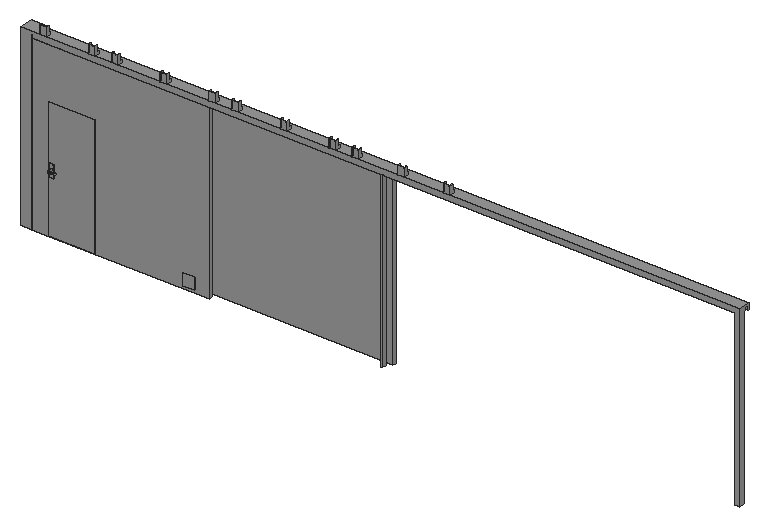
Revit family "otkatnie_protivopozarnie_vorota_firetechnics-p_ei60_ei90", category Двери, Revit 2018
Family settings
  Основа = Стена
  Всегда вертикально = Да
  При загрузке вырезать с полостями = Нет
  Общий = Нет
  Точка расчета площади = Нет
Parameters (values of type "Откатные противопажарные ворота 6x3 EI120")
  второй рельс = if(Ширина створок < 3002 mm, 59 mm, 125 mm)  # 125 mm
  Ширина второго рельса = if(Ширина створок < 3002 mm, 40 mm, 60 mm)  # 60 mm
  УГО2 = if(Ширина створок < 3002 mm, 3000 mm, 4000 mm)  # 4000 mm
  УГО = if(Ширина створок < 3002 mm, 1 mm, 3000 mm)  # 3000 mm
  Крепеж 2 = if(ADSK_Размер_Ширина < 3002 mm, 0 mm, 800 mm)  # 800 mm
  движение 2 створки [instance] = if(Ширина створок = 3000 mm, 1 mm, 125 mm)  # 125 mm
  Ширина 2 створки = if(Ширина створок = 3000 mm, 30 mm, 100 mm)  # 100 mm
  Огнестойкость = "EI120"
  Крепеж1 = if(ADSK_Размер_Ширина < 3002 mm, 0 mm, 800 mm)  # 800 mm
  Ловушка ворот = if(Ширина створок < 3002 mm, 130 mm, 240 mm)  # 240 mm
  Второй рельс = if(Ширина створок < 3002 mm, 205 mm, 2 * (ADSK_Размер_Ширина) + 300 mm + 250 mm)  # 12550 mm
  Видимость второй двери [instance] = yes
  Открытие створки [instance] = if(Ворота открыто, 30 mm, Ширина створок)  # 30 mm
  Высота противопожарной двери = 2000 mm
  Ширина створок = if(ADSK_Размер_Ширина = 3000 mm, 3000 mm, 6000 mm)  # 6000 mm
  Ширина створки [instance] = 3000 mm  # constant formula
  Ширина противопожарной двери = 800 mm
  Толщина полотна ворот = 60 mm
  Стойка [instance] = if(Ширина створок < 3002 mm, ADSK_Размер_Ширина, Ширина створок + 250 mm)  # 6250 mm
  Разработано = "support@bimlib.ru"  # constant formula
  Противопожарный лючок [instance] = yes
  Противопожарная дверь [instance] = yes
  Ворота открыто [instance] = yes
  Материал ручки = Пластмасса, непрозрачная, черная
  Материал профиля = Сталь_оцинкованная_листовая
  Материал полотна = Полотно с наполнителем из минерального заполнителя для ворот
  Изготовитель = "Firetechnics"  # constant formula
  Высота створки = ADSK_Размер_Высота  # 3000 mm
  Высота 2 [instance] = and(Ворота открыто, Противопожарный лючок)  # yes
  Высота 1 [instance] = and(Ворота открыто, Противопожарная дверь)  # yes
  Вторая створка = if(Ширина створок = 3000 mm, 5 mm, 3200 mm)  # 3200 mm
  Видимость УГО [instance] = yes
  Видимость 2 [instance] = yes
  Видимость 1 [instance] = if(Ворота открыто, Видимость второй двери, Противопожарная дверь)  # yes
  Аналитическая конструкция = "<Нет>"
  URL = "https://www.fire-tec.ru/"
  ADSK_Размер_Ширина = 6000 mm
  ADSK_Размер_Высота = 3000 mm  # constant formula
  ADSK_Примечание [instance] = ""
  ADSK_Предел огнестойкости = "EI120"
  ADSK_Позиция [instance] = ""
  ADSK_Обозначение = ""
  ADSK_Наименование = "Откатные противопожарные ворота модели FireTechnics-P EI120"
  ADSK_Масса_Текст = ""
  ADSK_Завод-изготовитель = Изготовитель  # "Firetechnics"
  ADSK_Единица измерения = ""
  ADSK_URL страницы изделия = "https://www.fire-tec.ru/catalog/protivopozharnye-vorota/otkatnye-protivopozharnye-vorota/"
  ADSK_URL документации изделия = ""
Types (2, lengths in mm): name | второй рельс | Ширина второго рельса | УГО2 | УГО | Крепеж 2 | движение 2 створки | Ширина 2 створки | Огнестойкость | Крепеж1 | Ловушка ворот | Второй рельс | Ширина створок | Стойка | Вторая створка | ADSK_Размер_Ширина | ADSK_Предел огнестойкости | ADSK_Наименование
  Откатные противопажарные ворота 3x3 EI90 | 59 | 40 | 3000 | 1 | 0 | 1 | 30 | "EI60" | 0 | 130 | 205 | 3000 | 3000 | 5 | 3000 | "EI90" | "Откатные противопожарные ворота модели FireTechnics-P EI90"
  Откатные противопажарные ворота 6x3 EI120 | 125 | 60 | 4000 | 3000 | 800 | 125 | 100 | "EI120" | 800 | 240 | 12550 | 6000 | 6250 | 3200 | 6000 | "EI120" | "Откатные противопожарные ворота модели FireTechnics-P EI120"
Reference planes
  plane 1 "Стена": y = 0
  plane 2 "По центру (Влево/Вправо)": x = 125
  plane 3 "Назад": y = 15
  plane 4: x = -475
  plane 5: x = 5525
  plane 6: x = -775
  plane 7: z = 1257.571
  plane 8: x = 11855.75
  plane 9: x = 11775
  plane 10: z = 3000
  plane 11: z = 3100
  plane 12: x = -275
  plane 13: x = 525
  plane 14: z = 2100
  plane 15: x = 2068.662
  plane 16: x = 2268.662
  plane 17: z = 50
  plane 18: z = 250
  plane 19: x = -475
  plane 20: x = 5525
  plane 21: y = 143.254
  plane 22: y = 255
  plane 23: x = -775
  plane 24: x = -275
  plane 25: x = 525
  plane 26: x = 2068.662
  plane 27: x = 2268.662
  plane 28: y = 143.254
  plane 29: y = 90
  plane 30: y = 75
  plane 31: y = 242.5
  plane 32: y = 228.254
  plane 33: y = 208.732
  plane 34: x = 5625
  plane 35: y = 200
  plane 36: y = 140
  plane 37: y = 75
  plane 38: x = 5555
  plane 39: x = 11775
Forms (mm)
  Extrusion 1, void
    sketch origin (0, 0, 0) x (1, 0, 0) y (0, 1, 0)
      loop
        line (-475, 15) -> (-475, -625) -> (5525, -625) -> (5525, 15) -> (-475, 15)
    from 0 to 3000
  Extrusion 2, solid, material "Полотно с наполнителем из минерального заполнителя для ворот" <- "Материал полотна", visible <- "Ворота открыто"
    sketch origin (-2958.423, 71.746, 0) x (1, 0, 0) y (0, 1, 0)
      loop
        line (2385.975, -56.746) -> (5483.423, -56.746) -> (5483.423, 3.254) -> (2385.975, 3.254) -> (2385.975, -56.746)
    from 0 to 3000
  Extrusion 3, solid, material "Сталь_оцинкованная_листовая" <- "Материал профиля"
    sketch origin (-2100, 0, 0) x (1, 0, 0) y (0, 1, 0)
      loop
        line (13799.619, 15) -> (13875, 15) -> (13875, 112.5) -> (13799.619, 112.5) -> (13799.619, 15)
    from 0 to 3100
  Extrusion 4, solid, material "Сталь_оцинкованная_листовая" <- "Материал профиля"
    sketch origin (125, 5, 62.751) x (0, -1, 0) y (0, 0, -1)
      loop
        line (-80.754, -2937.249) -> (-80.754, -3037.249) -> (-10, -3037.249) -> (-10, -2937.249) -> (-18.254, -2937.249) -> (-18.254, -2985.417) -> (-78.254, -2985.417) -> (-78.254, -2937.249) -> (-80.754, -2937.249)
    from -697.448 to 11650
  Extrusion 5, solid, material "Полотно с наполнителем из минерального заполнителя для ворот" <- "Материал полотна", visible <- "Ворота открыто"
    sketch origin (41.577, 139.246, 0) x (1, 0, 0) y (0, 1, 0)
      loop
        line (2383.423, 0.754) -> (5583.423, 0.754) -> (5583.423, 60.754) -> (2383.423, 60.754) -> (2383.423, 0.754)
    from 0 to 3000
  Extrusion 6, solid, material "Сталь_оцинкованная_листовая" <- "Материал профиля"
    sketch origin (125, 167.629, 62.751) x (0, -1, 0) y (0, 0, -1)
      loop
        line (-43.125, -2937.249) -> (-43.125, -3037.249) -> (81.875, -3037.249) -> (81.875, -2937.249) -> (22.629, -2937.249) -> (22.629, -2992.249) -> (-37.371, -2992.249) -> (-37.371, -2937.249) -> (-43.125, -2937.249)
    from -697.448 to 11650
  Extrusion 7, solid, material "Полотно с наполнителем из минерального заполнителя для ворот" <- "Материал полотна", visible <- "Высота 1"
    sketch origin (0, 0, 0) x (1, 0, 0) y (0, 1, 0)
      loop
        line (-275, 75) -> (-275, 15) -> (525, 15) -> (525, 75) -> (-275, 75)
    from 0 to 2100
  Extrusion 8, solid, material "Полотно с наполнителем из минерального заполнителя для ворот" <- "Материал полотна", visible <- "Высота 2"
    sketch origin (0, 0, 0) x (1, 0, 0) y (0, 1, 0)
      loop
        line (2068.662, 75) -> (2068.662, 15) -> (2268.662, 15) -> (2268.662, 75) -> (2068.662, 75)
    from 50 to 250
  Extrusion 9, solid, material "Сталь_оцинкованная_листовая" <- "Материал профиля"
    sketch origin (0, 0, 0) x (1, 0, 0) y (0, 1, 0)
      loop
        line (-572.448, 15) -> (-572.448, 208.732) -> (-475, 208.732) -> (-475, 255) -> (-775, 255) -> (-775, 15) -> (-572.448, 15)
    from 0 to 3100
  Extrusion 10, solid, material "Полотно с наполнителем из минерального заполнителя для ворот" <- "Материал полотна", visible <- "Видимость второй двери"
    sketch origin (0, 0, 0) x (1, 0, 0) y (0, 1, 0)
      loop
        line (5525, 75) -> (5525, 15) -> (5555, 15) -> (5555, 75) -> (5525, 75)
    from 0 to 3000
Cuts and joins
  joined: Extrusion 3, Extrusion 4, Extrusion 6, Extrusion 9
Lines and regions (mm)
  symbolic lines, style "Doors"
    curve 1: line (2068.662, 60.701, 0) -> (6068.662, 60.701, 0)
    curve 2: line (5525, 275, 0) -> (8525, 275, 0)
Text (mm)
  text "Сторона размещения" at (-2044.308, 1959.749, 0), in view "Опорный уровень"
  text "Сторона размещения" at (0, 1409.804, 2854.306), in view "Слева"
  text "Сторона размещения" at (0, 499.811, 2980.732), in view "Справа"
Dimensions and locks
  locked: plane 3 "Назад" to host wall
  locked: plane 8 to plane 9 at 80.75
  "Высота створки": plane 10 to level
  locked: plane 11 to plane 10 at 100
  "Ширина противопожарной двери": plane 12 to plane 13
  locked: plane 18 to plane 17 at 200
  plane 17 to level = 50 mm
  plane 16 to plane 15 = 200 mm
  locked: plane 23 to plane 19 at 300
  nested 1 to nested 2 = 850 mm
  "Ширина створок": plane 19 to plane 20
  "Толщина полотна ворот": Extrusion 5 sketch curve to Extrusion 5 sketch curve
  Extrusion 4 sketch curve to Extrusion 4 sketch curve to Extrusion 4 sketch curve to Extrusion 4 sketch curve = 2.5 mm locked, 60 mm locked, 8.254 mm locked
  plane 3 "Назад" to plane 21 = 128.254 mm
  locked: plane 3 "Назад" to plane 30 at 60
  locked: plane 29 to plane 32 at 138.254
  locked: plane 3 "Назад" to plane 29 at 75
  "Ловушка ворот": plane 3 "Назад" to plane 22
  locked: plane 33 to plane 22 at 46.268
  "Ширина створок": plane 4 to plane 5
  "Ширина 2 створки": plane 5 to plane 34
  "Стойка": plane 5 to plane 9
  locked: plane 35 to plane 36 at 60
  "движение 2 створки": plane 36 to plane 3 "Назад"
  plane 8 to plane 9 = 80.75 mm
  "Толщина полотна ворот": plane 37 to plane 3 "Назад"
  "Открытие створки": plane 5 to plane 38
  "Второй рельс": plane 39 to plane 23
  cut or joined group of Extrusion 3, Extrusion 4, Extrusion 6, Extrusion 9 to plane 35 = 114.246 mm
  locked: cut or joined group of Extrusion 3, Extrusion 4, Extrusion 6, Extrusion 9 to cut or joined group of Extrusion 3, Extrusion 4, Extrusion 6, Extrusion 9 at 5.754
  "УГО": curve 2 to curve 2
  "УГО2": curve 1 to curve 1
  aligned and locked: plane 5 to Extrusion 1
  aligned and locked: Extrusion 2 to Extrusion 5
  aligned and locked: plane 3 "Назад" to Extrusion 3
  aligned and locked: nested 9 to plane 3 "Назад"
  aligned and locked: nested 8 to plane 3 "Назад"
  aligned and locked: nested 7 to plane 3 "Назад"
  aligned and locked: nested 6 to plane 3 "Назад"
  aligned and locked: nested 5 to plane 3 "Назад"
  aligned and locked: nested 4 to plane 3 "Назад"
  aligned and locked: nested 3 to plane 3 "Назад"
  aligned and locked: nested 2 to plane 3 "Назад"
  aligned and locked: nested 1 to plane 3 "Назад"
  aligned and locked: plane 3 "Назад" to Extrusion 4
  aligned and locked: plane 3 "Назад" to nested 11  (x2)
  aligned and locked: plane 3 "Назад" to Extrusion 2
  aligned and locked: plane 30 to Extrusion 2
  aligned and locked: nested 10 to plane 30
  aligned and locked: Extrusion 7 sketch curve to Extrusion 2
  aligned and locked: plane 24 to Extrusion 7 sketch curve
  aligned and locked: Extrusion 7 sketch curve to plane 3 "Назад"
  aligned and locked: nested 2 to Extrusion 7 sketch curve
  aligned and locked: Extrusion 2 to Extrusion 8
  aligned and locked: plane 3 "Назад" to Extrusion 8
  aligned and locked: Extrusion 8 to plane 15
  aligned and locked: plane 16 to Extrusion 8
  aligned and locked: Extrusion 8 to plane 17
  aligned and locked: plane 18 to Extrusion 8
  aligned and locked: plane 14 to Extrusion 7
  aligned and locked: Extrusion 7 to level
  aligned and locked: Extrusion 9 to plane 6
  aligned and locked: plane 33 to Extrusion 9 sketch curve
  aligned and locked: plane 3 "Назад" to Extrusion 9
  aligned and locked: Extrusion 9 to plane 11
  aligned and locked: plane 34 to Extrusion 5
  aligned and locked: Extrusion 5 to plane 36
  aligned and locked: Extrusion 5 to plane 35
  aligned and locked: Extrusion 2 to plane 10
  aligned and locked: Extrusion 1 to plane 10
  aligned and locked: plane 11 to nested 6
  aligned and locked: plane 11 to nested 5
  aligned and locked: plane 11 to nested 4
  aligned and locked: plane 11 to nested 7
  aligned and locked: plane 11 to nested 8
  aligned and locked: plane 11 to nested 9
  aligned and locked: plane 11 to nested 3
  aligned and locked: plane 11 to nested 2
  aligned and locked: plane 11 to nested 1
  aligned and locked: Extrusion 10 sketch curve to plane 37
  aligned and locked: plane 5 to Extrusion 10 sketch curve
  aligned and locked: Extrusion 10 sketch curve to plane 38
  aligned and locked: Extrusion 10 sketch curve to plane 3 "Назад"
  aligned and locked: Extrusion 10 to plane 10
  aligned and locked: plane 9 to Extrusion 4
  aligned and locked: plane 11 to Extrusion 3
  aligned and locked: Extrusion 6 sketch curve to cut or joined group of Extrusion 3, Extrusion 4, Extrusion 6, Extrusion 9
  aligned and locked: nested 12 to plane 3 "Назад"
  aligned and locked: nested 13 to plane 3 "Назад"
  aligned and locked: plane 9 to cut or joined group of Extrusion 3, Extrusion 4, Extrusion 6, Extrusion 9
  aligned and locked: plane 20 to curve 2
  aligned and locked: Extrusion 8 to curve 1
Automatic sketch dimensions
  Extrusion 1 sketch curve to plane 4 = 0 mm
  Extrusion 1 sketch curve to host wall = 0 mm
  Extrusion 1 sketch curve to plane 5 = 0 mm
  Extrusion 3 sketch curve to host wall = 0 mm
  Extrusion 3 sketch curve to plane 9 = 0 mm
  plane 9 to Extrusion 3 sketch curve = 75.381 mm
  Extrusion 3 sketch curve to plane 21 = 30.754 mm
  plane 10 to Extrusion 4 sketch curve = 0 mm  (x2)
  Extrusion 4 sketch curve to plane 11 = 0 mm
  Extrusion 4 sketch curve to plane 21 = 60 mm
  plane 11 to Extrusion 4 sketch curve = 51.832 mm
  Extrusion 8 sketch curve to plane 15 = 0 mm
  Extrusion 8 sketch curve to plane 16 = 0 mm
  Extrusion 8 sketch curve to host wall = 0 mm
  Extrusion 8 sketch curve to plane 30 = 0 mm
  Extrusion 2 sketch curve to host wall = 0 mm
  plane 4 to Extrusion 2 sketch curve = 97.448 mm
  Extrusion 2 sketch curve to plane 16 = 256.338 mm
  Extrusion 9 sketch curve to plane 6 = 0 mm
  Extrusion 9 sketch curve to host wall = 0 mm
  Extrusion 9 sketch curve to plane 4 = 0 mm
  Extrusion 9 sketch curve to plane 22 = 0 mm
  Extrusion 9 sketch curve to Extrusion 9 sketch curve = 97.448 mm
  host wall to Extrusion 1 sketch curve = 340 mm
  Extrusion 2 sketch curve to plane 30 = 0 mm
  Extrusion 10 sketch curve to plane 5 = 0 mm
  Extrusion 5 sketch curve to plane 36 = 0 mm
  Extrusion 5 sketch curve to plane 34 = 0 mm
  Extrusion 5 sketch curve to plane 16 = 156.338 mm
  Extrusion 6 sketch curve to plane 11 = 0 mm
  plane 32 to Extrusion 6 sketch curve = 17.5 mm
  plane 10 to Extrusion 6 sketch curve = 0 mm  (x2)
  plane 11 to Extrusion 6 sketch curve = 45 mm
  plane 22 to Extrusion 6 sketch curve = 50 mm
  Extrusion 6 sketch curve to plane 29 = 55 mm
  curve 1 to plane 30 = 14.299 mm
  plane 22 to curve 2 = 20 mm
Nested families
  nested 1: "уголок откатные шторы" at (-375, 60, 3100), type "уголок откатные шторы", detail levels fine
  nested 2: "уголок откатные шторы" at (475, 60, 3100), type "уголок откатные шторы", detail levels fine
  nested 3: "уголок откатные шторы" at (875, 60, 3100), type "уголок откатные шторы", detail levels fine
  nested 4: "уголок откатные шторы" at (1725, 60, 3100), type "уголок откатные шторы", detail levels fine
  nested 5: "уголок откатные шторы" at (2575, 60, 3100), type "уголок откатные шторы", detail levels fine
  nested 6: "уголок откатные шторы" at (2975, 60, 3100), type "уголок откатные шторы", detail levels fine
  nested 7: "уголок откатные шторы" at (3825, 60, 3100), type "уголок откатные шторы", detail levels fine
  nested 8: "уголок откатные шторы" at (4675, 60, 3100), type "уголок откатные шторы", detail levels fine
  nested 9: "уголок откатные шторы" at (5075, 60, 3100), type "уголок откатные шторы", detail levels fine
  nested 10: "ручка двери" at (-195, 75, 1000), visible <- "Высота 1", type "ручка двери", detail levels fine
  nested 11: "ручка двери" at (-195, 15, 1000), visible <- "Высота 2", type "ручка двери", detail levels fine
  nested 12: "уголок откатные шторы" at (5875, 60, 3100), type "уголок откатные шторы", detail levels fine
  nested 13: "уголок откатные шторы" at (6675, 60, 3100), type "уголок откатные шторы", detail levels fine
Definition of nested family "уголок откатные шторы"
  Parameters (values of type "уголок откатные шторы")
    Материал профиля = none
  Reference planes
    plane 1 "По центру (Вперед/Назад)": y = 0
    plane 2: z = 0
    plane 3 "По центру (Влево/Вправо)": x = 0
    plane 4: x = -60.116
    plane 5: x = 55
    plane 6: x = -55.116
    plane 7: x = 50
    plane 8: y = 5
    plane 9: z = 45
  Forms (mm)
    Extrusion 1, solid, material <- "Материал профиля"
      sketch origin (0, 45, -100) x (0, -1, 0) y (1, 0, 0)
        loop
          line (45, -60.116) -> (45, -55) -> (5, -55) -> (5, 50) -> (45, 50) -> (45, 55) -> (0, 55) -> (0, -60.116) -> (45, -60.116)
      from 105 to 250
    Extrusion 2, solid, material <- "Материал профиля"
      sketch origin (0, 215, 0) x (1, 0, 0) y (0, 0, 1)
        loop
          line (-60.116, 45) -> (-60.116, 0) -> (55, 0) -> (55, 45) -> (50, 45) -> (50, 5) -> (-55, 5) -> (-55, 45) -> (-60.116, 45)
      from 215 to 250
    Extrusion 3, solid, material <- "Материал профиля"
      sketch origin (0, 0, 0) x (0, 1, 0) y (0, 0, 1)
        loop
          line (0, 5) -> (0, 0) -> (45, 0) -> (45, 5) -> (0, 5)
      from -60.116 to 55
  Cuts and joins
    joined: Extrusion 1, Extrusion 2, Extrusion 3
  Dimensions and locks
    aligned and locked: level to plane 2
    aligned and locked: Extrusion 2 to plane 1 "По центру (Вперед/Назад)"
    aligned and locked: Extrusion 1 to Extrusion 2
Definition of nested family "ручка двери"
  Parameters (values of type "ручка двери")
    материал ручки = none
  Reference planes
    plane 1 "По центру (Вперед/Назад)": y = 0
    plane 2: z = 0
    plane 3 "По центру (Влево/Вправо)": x = 0
    plane 4: y = -94.522
    plane 5: through (79.584, -140.02, 1571.813) normal (-1, 0, 0.003)
    plane 6: y = -74.753
  Forms (mm)
    Extrusion 1, solid, material <- "материал ручки"
      sketch origin (0, 0, 28.186) x (1, 0, 0) y (0, 0, 1)
        loop
          line (-64.593, 122.232) -> (-64.593, -92.42) -> (6.493, -92.42) -> (6.493, 122.232) -> (-64.593, 122.232)
      from 0 to 5
    Extrusion 2, solid, material <- "материал ручки"
      sketch origin (-20.443, 15, 48.105) x (-0.999996, 0, 0.002989) y (0, -1, 0)
        loop
          line (4.809, 20) -> (20, 20) -> (20, 82.112)
          arc (20, 82.112) -> (14.468, 99.078) -> (0, 109.522) r 28.783
          line (0, 109.522) -> (-95.473, 109.522)
          arc (-95.473, 109.522) -> (-109.942, 99.078) -> (-115.473, 82.112) r 28.783
          line (-115.473, 82.112) -> (-100.473, 82.112)
          arc (-100.473, 82.112) -> (-98.235, 87.515) -> (-92.832, 89.753) r 7.641
          line (-92.832, 89.753) -> (-2.832, 89.753)
          arc (-2.832, 89.753) -> (2.571, 87.515) -> (4.809, 82.112) r 7.641
          line (4.809, 82.112) -> (4.809, 20)
      from 0 to 20
  Dimensions and locks
    aligned and locked: level to plane 2
